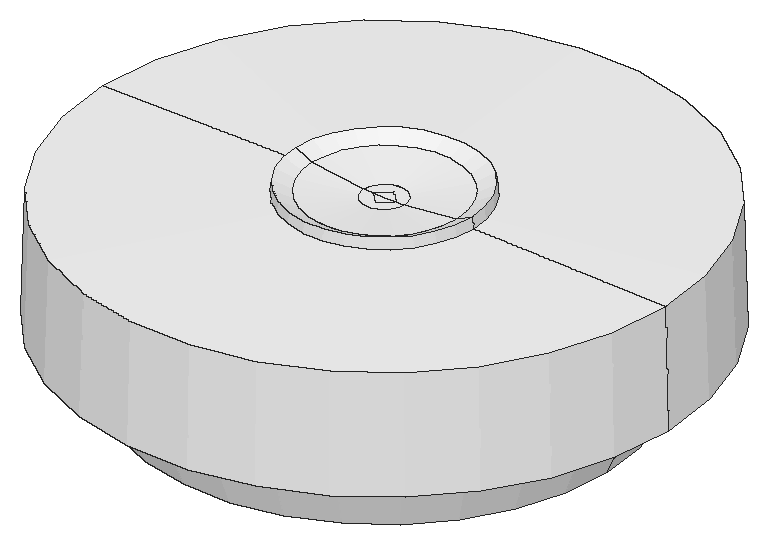
Revit family "Gira_114502", category Electrical Fixtures, host Face, Revit 2017
Family settings
  Host = Face
  Maintain Annotation Orientation = No
  Round Connector Dimension = Use Diameter
  Part Type = Normal
  Cut with Voids When Loaded = No
  Shared = No
  Room Calculation Point = No
Parameters (values of type "RWM Basic Q Rauchwarnmelder Reinweiß")
  Wirkprinzip = "optisch"
  Versorgungsspannung = "9 - 9"
  Vernetzbar über Kabel = "No"
  Vernetzbar über Funk (standardmäßig) = "No"
  Vernetzbar über Funk (optional) = "No"
  VdS anerkannt = "No"
  URL = "http://katalog.gira.de/de_DE/datenblatt.html?artikelnr=114502"
  Standalone = "Yes"
  Spannungsart der Versorgungsspannung = "Ac (*en-EN)"
  Schutzart (IP) = "IP42"
  Region = "DE"
  Rauchschalter = "No"
  Primärstromversorgung = "Batterie/Akku"
  Name = "RWM Basic Q Rauchwarnmelder Reinweiß"
  Montageart = "Aufbau"
  Mitgelieferte Backup-Batterie = "ohne"
  Mit Spannungsanzeige = "No"
  Mit Sockel = "Yes"
  Mit Orientierungsbeleuchtung = "No"
  Mit Backup-Batterie = "No"
  Manufacturer URL = "https://www.gira.de/"
  Lautstärke = "85 dB(A)"
  Keynote = "Rauchwarnmelder"
  Kabeleinführung = "Unterseite"
  Höhe = "0.0385 m"
  HeinzeBIM = "https://bimportal.heinze.de/bim/rwm-basic-q-rauchwarnmelder-reinweiss/8cf41ba53391df8e36dfc9b9fa6a0fecfa96294c"
  HAN = "114502"
  Geeignet für Kanalbefestigung = "No"
  GTIN = "4010337013525"
  Farbe = "weiß"
  Explosionsgeprüfte Ausführung = "No"
  Durchmesser = "0.125 m"
  Default Elevation = 1219.2 mm
  Data sheet (1) = "https://katalog.gira.de/de_DE/download.html?artikelnr=114502"
  Category = "Brandmelder"
  Available = "Yes"
  Art des Test-/Pauseknopfes = "Prüftaste"
Reference planes
  plane 1 "Center (Front/Back)": y = 0
  plane 2: z = 0
  plane 3 "Center (Left/Right)": x = 0
Forms (mm)
  Revolve 1, solid, material "White", detail levels fine
    sketch origin (0, 0, 0) x (1, 0, 0) y (0, 0, 1)
      loop
        line (-59.729, 35.831) -> (-60.451, 12.502) -> (-52.923, 12.502) -> (-47.377, 0) -> (0, 0) -> (0, 35.656) -> (-2.39, 35.656) -> (-4.368, 35.729) -> (-15.386, 36.955) -> (-18.732, 38.567) -> (-18.998, 36.391) -> (-59.729, 35.831)
      axis (0, 38.567) -> (0, 0)
    angle from 0 to 360
  Extrusion 2, solid, material "White", detail levels medium
    sketch origin (0, 0, 0) x (1, 0, 0) y (0, 1, 0)
      loop
        circle (0, 0) r 60.451
    from 0 to 36.391
  Extrusion 3, solid, material "White", detail levels medium
    sketch origin (0, 0, 0) x (1, 0, 0) y (0, 1, 0)
      loop
        circle (0, 0) r 18.998
    from 36.391 to 38.567
  Extrusion 4, solid, material "White", detail levels coarse
    sketch origin (0, 0, 0) x (1, 0, 0) y (0, 1, 0)
      loop
        circle (0, 0) r 60.451
    from 0 to 38.567
Dimensions and locks
  aligned and locked: plane 2 to host face
  aligned and locked: level to host face
Nested families
  nested 1: "DE_Smoke Detector_2" at (0, 0, 0), type "DE_Smoke Detector_2"
Connectors
  electrical at (0, 0, 0)
    settings: on Revolve 1, index 1, voltage 1200 V, apparent load 0 VA, apparent load phase1 0 VA, apparent load phase2 0 VA, apparent load phase3 0 VA, power factor 1, load classification "Other", number of poles 1, system type 30, power factor state 1, is connector primary yes, connector utility no, sub classification motor no, connector description ""
Definition of nested family "DE_Smoke Detector_2"
  Reference planes
    plane 1: y = 0
    plane 2: x = 0
  Lines and regions (mm)
    detail lines
      curve 1: line (-4.553, 4.519, 0) -> (4.553, 4.519, 0)
      curve 2: line (-4.553, 0, 0) -> (-4.553, 4.519, 0)
      curve 3: line (4.553, 0, 0) -> (-4.553, 0, 0)
      curve 4: line (4.553, 4.519, 0) -> (4.553, 0, 0)
      curve 5: line (-3.957, 1.691, 0) -> (-2.262, 3.387, 0)
      curve 6: line (-2.262, 3.387, 0) -> (-0.55, 1.675, 0)
      curve 7: line (-3.363, 1.685, 0) -> (-2.243, 2.806, 0)
      curve 8: line (-2.243, 2.806, 0) -> (-1.128, 1.691, 0)
      curve 9: line (0.909, 2.238, 0) -> (3.668, 2.238, 0)
      curve 10: line (1.72, 0.98, 0) -> (1.72, 2.238, 0)
      curve 11: line (2.848, 2.238, 0) -> (2.848, 0.977, 0)
      curve 12: arc (0.909, 2.238, 0) -> (2.289, 3.617, 0) -> (3.668, 2.238, 0) r 1.38
